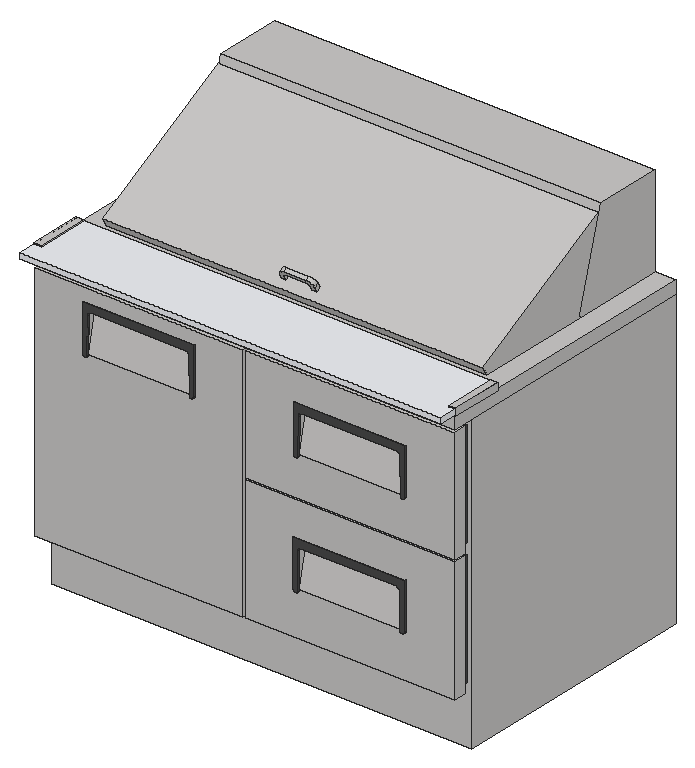
Revit family "QF_TRUE_TFP-48-18M-D-2", category Specialty Equipment, Revit 2012
Parameters
  Weight in Pounds = 0
  Watts = 0 W
  Volts = 115 V
  URL Cutsheet = "www.truemfg.com"
  URL = "www.truemfg.com"
  Type Mark [instance] = ""
  Status [instance] = ""
  Specification by User [instance] = ""
  Specification by Manufacturer = ""
  Show Clearance [instance] = yes
  Serial Number = ""
  Seismic Rating = ""
  SMACNA No = ""
  Revision Code [instance] = ""
  Phase = 1
  Omniclass Number and Title = ""
  Number of Poles [instance] = 1
  NAFEM Spec ID Number = ""
  Model = "TFP-48-18M-D-2"
  Min Ckt Ampacity = 0 A
  Max Overcurrent Protection = 0 A
  Masterspec = ""
  Manufacturer = "TRUE"
  Item Number [instance] = ""
  Installed By [instance] = ""
  Identify Quantity as Lot [instance] = yes
  HP = "1/5"
  Furnished By [instance] = ""
  Foodservice Equipment Identifier [instance] = yes
  FL Amps = 2.9 A
  Electrical Remarks [instance] = ""
  Electric Connection Type [instance] = ""
  Elec Conn RI Height [instance] = 0"
  Elec Conn Connection Height [instance] = 0"
  Description = "FOOD PREP TABLE: DOOR AND DRAWERED FOOD PREP UNIT"
  Cycle = 60 Hz
  Conn Plug = "NEMA 5-15P"
  Conn Conduit = yes
  CSI MasterFormat = ""
  CSI Master Format = ""
  Apparent Power = if(Phase = 3, Volts * FL Amps * 1.73, Volts * FL Amps)  # 333.5 VA
Reference planes (in)
  plane 1 "BACK": y = 0
  plane 2: z = 0
  plane 3 "LEFT": x = 0
  plane 4 "RIGHT": x = 48.125
  plane 5 "FRONT": y = -33.53125
  plane 6 "TOP": z = 46.5
  plane 7 "Center Y": x = 24.0625
  plane 8 "Center X": y = -16.76562
  plane 9 "BASE": z = 0.75
  plane 10: z = 36
  plane 11: y = -31.5
  plane 12: y = -10.6875
  plane 13: y = -7.84375
  plane 14: x = 45.8125
  plane 15: x = 2.3125
  plane 16: z = 27.18596
  plane 17: z = 36.60541
  plane 18: y = -55.875
  plane 19: y = -53.96875
Forms (in)
  Extrusion 1, solid, material "QF_Finishes_Stainless Steel"
    sketch origin (0, 0, 0) x (0, 1, 0) y (0, 0, 1)
      loop
        line (0, 0.75) -> (0, 34.46) -> (-29.085, 34.46) -> (-29.085, 0.75) -> (0, 0.75)
      loop
        line (0, 36) -> (-31.5, 36) -> (-31.5, 34.5) -> (0, 34.5) -> (0, 36)
    from 0 to 48.125
  Extrusion 2, solid, material "QF_Finishes_Stainless Steel"
    sketch origin (0, -29.085, 0.75) x (0, 0, 1) y (-1, 0, 0)
      loop
        line (33.42, -24.1875) -> (20.38651, -24.1875) -> (20.38651, -48.0625) -> (33.42, -48.0625) -> (33.42, -24.1875)
      loop
        line (20.13651, -24.1875) -> (5.9891, -24.1875) -> (5.9891, -48.0625) -> (20.13651, -48.0625) -> (20.13651, -24.1875)
      loop
        line (5.9891, -23.875) -> (33.42, -23.875) -> (33.42, -0.0625) -> (5.9891, -0.0625) -> (5.9891, -23.875)
    from 1 to 2.415
  Extrusion 3, solid, material "QF_Finishes_Black"
    sketch origin (0, -29.085, 0.75) x (0, 0, 1) y (-1, 0, 0)
      loop
        line (32.92, -0.5625) -> (6.4891, -0.5625) -> (6.4891, -23.375) -> (32.92, -23.375) -> (32.92, -0.5625)
      loop
        line (32.92, -24.6875) -> (20.88651, -24.6875) -> (20.88651, -47.5625) -> (32.92, -47.5625) -> (32.92, -24.6875)
      loop
        line (19.63651, -24.6875) -> (6.4891, -24.6875) -> (6.4891, -47.5625) -> (19.63651, -47.5625) -> (19.63651, -24.6875)
    from 0 to 1
  Extrusion 4, solid, material "QF_Finishes_Black"
    sketch origin (0, -31.5, 0.75) x (0, 0, 1) y (-1, 0, 0)
      loop
        line (31.96099, -5.5999) -> (26.62674, -5.5999)
        spline (26.62674, -5.5999) -> (26.60013, -5.6075) -> (26.57461, -5.618) -> (26.55048, -5.63128) -> (26.52803, -5.64717) -> (26.50754, -5.66548) -> (26.48925, -5.68599) -> (26.47338, -5.70846) -> (26.46013, -5.7326) -> (26.44966, -5.75814) -> (26.44208, -5.78475) -> (26.4375, -5.81213) -> (26.43596, -5.83993)
        line (26.43596, -5.83993) -> (26.43596, -6.00526)
        spline (26.43596, -6.00526) -> (26.43673, -6.01688) -> (26.43901, -6.02831) -> (26.44277, -6.03935) -> (26.44795, -6.04982) -> (26.45445, -6.05954) -> (26.46218, -6.06836) -> (26.471, -6.07613) -> (26.48075, -6.0827) -> (26.49129, -6.08799) -> (26.50244, -6.09189) -> (26.514, -6.09433) -> (26.52578, -6.09529)
        line (26.52578, -6.09529) -> (30.75496, -6.16927)
        arc (30.75496, -6.16927) -> (30.99383, -6.27226) -> (31.09222, -6.51306) r 0.34385
        line (31.09222, -6.51306) -> (31.09222, -17.4244)
        arc (31.09222, -17.4244) -> (30.99383, -17.66519) -> (30.75496, -17.76818) r 0.34385
        line (30.75496, -17.76818) -> (26.52578, -17.84216)
        spline (26.52578, -17.84216) -> (26.514, -17.84312) -> (26.50244, -17.84557) -> (26.49129, -17.84947) -> (26.48075, -17.85475) -> (26.471, -17.86133) -> (26.46218, -17.86909) -> (26.45445, -17.87791) -> (26.44795, -17.88763) -> (26.44277, -17.89811) -> (26.43901, -17.90915) -> (26.43673, -17.92057) -> (26.43596, -17.93219)
        line (26.43596, -17.93219) -> (26.43596, -18.09752)
        spline (26.43596, -18.09752) -> (26.4375, -18.12533) -> (26.44208, -18.1527) -> (26.44966, -18.17931) -> (26.46013, -18.20485) -> (26.47338, -18.22899) -> (26.48925, -18.25146) -> (26.50754, -18.27197) -> (26.52803, -18.29028) -> (26.55048, -18.30617) -> (26.57461, -18.31945) -> (26.60013, -18.32995) -> (26.62674, -18.33755)
        line (26.62674, -18.33755) -> (31.96099, -18.33755) -> (31.96099, -5.5999)
      loop
        line (30.13376, -29.75615) -> (24.79951, -29.75615)
        spline (24.79951, -29.75615) -> (24.7729, -29.76375) -> (24.74738, -29.77426) -> (24.72325, -29.78753) -> (24.7008, -29.80342) -> (24.68031, -29.82173) -> (24.66202, -29.84225) -> (24.64615, -29.86471) -> (24.6329, -29.88886) -> (24.62242, -29.91439) -> (24.61485, -29.941) -> (24.61027, -29.96838) -> (24.60873, -29.99618)
        line (24.60873, -29.99618) -> (24.60873, -30.16151)
        spline (24.60873, -30.16151) -> (24.6095, -30.17313) -> (24.61178, -30.18456) -> (24.61554, -30.1956) -> (24.62072, -30.20607) -> (24.62722, -30.2158) -> (24.63495, -30.22462) -> (24.64376, -30.23238) -> (24.65352, -30.23896) -> (24.66406, -30.24424) -> (24.67521, -30.24814) -> (24.68677, -30.25059) -> (24.69855, -30.25155)
        line (24.69855, -30.25155) -> (28.92773, -30.32552)
        arc (28.92773, -30.32552) -> (29.1666, -30.42851) -> (29.26499, -30.66931) r 0.34385
        line (29.26499, -30.66931) -> (29.26499, -41.58065)
        arc (29.26499, -41.58065) -> (29.1666, -41.82144) -> (28.92773, -41.92443) r 0.34385
        line (28.92773, -41.92443) -> (24.69855, -41.99841)
        spline (24.69855, -41.99841) -> (24.68677, -41.99937) -> (24.67521, -42.00182) -> (24.66406, -42.00572) -> (24.65352, -42.011) -> (24.64376, -42.01758) -> (24.63495, -42.02534) -> (24.62722, -42.03416) -> (24.62072, -42.04389) -> (24.61554, -42.05436) -> (24.61178, -42.0654) -> (24.6095, -42.07682) -> (24.60873, -42.08844)
        line (24.60873, -42.08844) -> (24.60873, -42.25378)
        spline (24.60873, -42.25378) -> (24.61027, -42.28158) -> (24.61485, -42.30895) -> (24.62242, -42.33557) -> (24.6329, -42.3611) -> (24.64615, -42.38524) -> (24.66202, -42.40771) -> (24.68031, -42.42822) -> (24.7008, -42.44653) -> (24.72325, -42.46242) -> (24.74738, -42.4757) -> (24.7729, -42.4862) -> (24.79951, -42.49381)
        line (24.79951, -42.49381) -> (30.13376, -42.49381) -> (30.13376, -29.75615)
      loop
        line (16.29154, -29.70927) -> (10.95729, -29.70927)
        spline (10.95729, -29.70927) -> (10.93068, -29.71688) -> (10.90516, -29.72738) -> (10.88103, -29.74066) -> (10.85858, -29.75655) -> (10.83809, -29.77486) -> (10.8198, -29.79537) -> (10.80393, -29.81783) -> (10.79068, -29.84198) -> (10.78021, -29.86751) -> (10.77263, -29.89413) -> (10.76805, -29.9215) -> (10.76651, -29.9493)
        line (10.76651, -29.9493) -> (10.76651, -30.11463)
        spline (10.76651, -30.11463) -> (10.76728, -30.12625) -> (10.76956, -30.13768) -> (10.77332, -30.14872) -> (10.7785, -30.15919) -> (10.785, -30.16892) -> (10.79273, -30.17774) -> (10.80155, -30.1855) -> (10.81131, -30.19208) -> (10.82184, -30.19736) -> (10.83299, -30.20126) -> (10.84455, -30.20371) -> (10.85633, -30.20467)
        line (10.85633, -30.20467) -> (15.08551, -30.27865)
        arc (15.08551, -30.27865) -> (15.32438, -30.38164) -> (15.42277, -30.62243) r 0.34385
        line (15.42277, -30.62243) -> (15.42277, -41.53377)
        arc (15.42277, -41.53377) -> (15.32438, -41.77457) -> (15.08551, -41.87756) r 0.34385
        line (15.08551, -41.87756) -> (10.85633, -41.95153)
        spline (10.85633, -41.95153) -> (10.84455, -41.95249) -> (10.83299, -41.95494) -> (10.82184, -41.95884) -> (10.81131, -41.96412) -> (10.80155, -41.9707) -> (10.79273, -41.97846) -> (10.785, -41.98728) -> (10.7785, -41.99701) -> (10.77332, -42.00748) -> (10.76956, -42.01852) -> (10.76728, -42.02995) -> (10.76651, -42.04157)
        line (10.76651, -42.04157) -> (10.76651, -42.2069)
        spline (10.76651, -42.2069) -> (10.76805, -42.2347) -> (10.77263, -42.26208) -> (10.78021, -42.28869) -> (10.79068, -42.31422) -> (10.80393, -42.33837) -> (10.8198, -42.36083) -> (10.83809, -42.38134) -> (10.85858, -42.39966) -> (10.88103, -42.41555) -> (10.90516, -42.42882) -> (10.93068, -42.43933) -> (10.95729, -42.44693)
        line (10.95729, -42.44693) -> (16.29154, -42.44693) -> (16.29154, -29.70927)
    from 0 to 0.125
  Extrusion 5, void
    sketch origin (0, 0, 0) x (0, 1, 0) y (0, 0, 1)
      loop
        line (-31.5, 31.84222) -> (-31.5, 27.37674) -> (-30.5, 31.84222) -> (-31.5, 31.84222)
    from 6.07322 to 17.82391
  Extrusion 6, void
    sketch origin (0, 0, -15.66945) x (0, 1, 0) y (0, 0, 1)
      loop
        line (-31.5, 31.84222) -> (-31.5, 27.37674) -> (-30.5, 31.84222) -> (-31.5, 31.84222)
      loop
        line (-31.5, 45.68444) -> (-31.5, 41.21896) -> (-30.5, 45.68444) -> (-31.5, 45.68444)
    from 30.19318 to 42.12117
  Extrusion 7, solid, material "QF_Finishes_Stainless Steel"
    sketch origin (2.3125, 7.41441, 48) x (0, 1, 0) y (0, 0, -1)
      loop
        line (-15.20428, 1.5) -> (-7.41441, 1.5) -> (-7.41441, 12) -> (-17.88334, 12)
        arc (-17.88334, 12) -> (-18.083, 11.90045) -> (-18.12366, 11.68109) r 0.25
        line (-18.12366, 11.68109) -> (-15.20428, 1.5)
    from 0 to -43.5
  Extrusion 8, solid, material "QF_Finishes_Stainless Steel"
    sketch origin (2.3125, 7.41441, 48) x (0, 1, 0) y (0, 0, -1)
      loop
        line (-32.04884, 10.98019) -> (-15.44857, 2.35196) -> (-18.12366, 11.68109)
        arc (-18.12366, 11.68109) -> (-18.083, 11.90045) -> (-17.88334, 12) r 0.25
        line (-17.88334, 12) -> (-31.51878, 12) -> (-32.04884, 10.98019)
    from -43.5 to 0
  Extrusion 9, solid, material "QF_Finishes_Stainless Steel"
    sketch origin (-4.00862, -31.5, 48) x (-1, 0, 0) y (0, 0, 1)
      loop
        line (-51.43327, -11.39459) -> (-51.43327, -11.30096) -> (-52.19562, -11.30096) -> (-52.19562, -12.13881) -> (-52.13362, -12.13881) -> (-52.13362, -11.39459) -> (-51.43327, -11.39459)
      loop
        line (-4.80067, -11.39459) -> (-4.00862, -11.39459) -> (-4.00862, -12.13881) -> (-3.94662, -12.13881) -> (-3.94662, -11.30096) -> (-4.80067, -11.30096) -> (-4.80067, -11.39459)
    from 0 to 6
  Extrusion 10, solid, material "QF_Finishes_White"
    sketch origin (0, 0, 0) x (0, 1, 0) y (0, 0, 1)
      loop
        line (-33.53125, 36) -> (-25.5, 36) -> (-25.5, 36.60541) -> (-33.53125, 36.60541) -> (-33.53125, 36)
    from 0 to 48.125
  Extrusion 11, solid, material "QF_Finishes_Black"
    sketch origin (0, 0, 0) x (0, 1, 0) y (0, 0, 1)
      loop
        arc (-25.55411, 0.75) -> (-24.36826, 0) -> (-23.1824, 0.75) r 1.3125
        line (-23.1824, 0.75) -> (-25.55411, 0.75)
      loop
        line (-1.30815, 0.75) -> (-3.67985, 0.75)
        arc (-3.67985, 0.75) -> (-2.494, 0) -> (-1.30815, 0.75) r 1.3125
    from 3.15902 to 4.88302
  Extrusion 12, solid, material "QF_Finishes_Black"
    sketch origin (48.125, 0, 0) x (0, 1, 0) y (0, 0, -1)
      loop
        line (-25.55411, -0.75) -> (-23.1824, -0.75)
        arc (-23.1824, -0.75) -> (-24.36826, 0) -> (-25.55411, -0.75) r 1.3125
      loop
        arc (-1.30815, -0.75) -> (-2.494, 0) -> (-3.67985, -0.75) r 1.3125
        line (-3.67985, -0.75) -> (-1.30815, -0.75)
    from 3.15902 to 4.88302
  Extrusion 13, solid, material "QF_Door-Drawer Clearances", visible <- "Show Clearance", detail levels coarse
    sketch origin (0, -31.5, 0.75) x (0, 0, 1) y (-1, 0, 0)
      loop
        line (33.42, -24.1875) -> (5.9891, -24.1875) -> (5.9891, -48.0625) -> (33.42, -48.0625) -> (33.42, -24.1875)
    from 0 to 24.375
  Extrusion 14, solid, material "QF_Door-Drawer Clearances", visible <- "Show Clearance", detail levels coarse
    sketch origin (23.875, -29.085, 6.7391) x (0, 1, 0) y (1, 0, 0)
      loop
        line (-2.415, -23.8125) -> (-2.415, 0)
        arc (-2.415, 0) -> (-18.56566, -7.26739) -> (-24.88375, -23.8125) r 23.20183
        line (-24.88375, -23.8125) -> (-2.415, -23.8125)
    from -27.4309 to 0
  Extrusion 15, solid, material "QF_Finishes_Stainless Steel"
    sketch origin (0, -2.20491, -2.8829) x (0, -0.461189, 0.887302) y (-1, 0, 0)
      loop
        line (47, -25.3125) -> (47, -22.8125)
        arc (47, -22.8125) -> (46.78033, -22.28217) -> (46.25, -22.0625) r 0.75
        line (46.25, -22.0625) -> (45.75, -22.0625) -> (45.75, -22.5625) -> (46.25, -22.5625)
        arc (46.25, -22.5625) -> (46.42678, -22.63572) -> (46.5, -22.8125) r 0.25
        line (46.5, -22.8125) -> (46.5, -25.3125)
        arc (46.5, -25.3125) -> (46.42678, -25.48928) -> (46.25, -25.5625) r 0.25
        line (46.25, -25.5625) -> (45.75, -25.5625) -> (45.75, -26.0625) -> (46.25, -26.0625)
        arc (46.25, -26.0625) -> (46.78033, -25.84283) -> (47, -25.3125) r 0.75
    from 0 to 0.5
  Extrusion 16, solid, material "QF_Finishes_Stainless Steel"
    sketch origin (0, 0, 1) x (0, 0, -1) y (-1, 0, 0)
      loop
        circle (-3.28427, -44.27646) r 0.5
    from 0 to 0.25
Cuts and joins
  Extrusion 5, Extrusion 6 cuts Extrusion 2
  Extrusion 6 cuts Extrusion 4
Lines and regions (in)
  Split face 1
    outline origin (0, -29.085, 0.75) x (0, 0, 1) y (-1, 0, 0)
      loop
        line (5.72413, -1.9375) -> (1.47413, -1.9375) -> (1.47413, -3.1875) -> (5.72413, -3.1875) -> (5.72413, -1.9375)
  Split face 2
    outline origin (1.5, -29.085, 0.75) x (0, 0, 1) y (-1, 0, 0)
      loop
        line (5.72413, -1.9375) -> (1.47413, -1.9375) -> (1.47413, -3.1875) -> (5.72413, -3.1875) -> (5.72413, -1.9375)
  Split face 3
    outline origin (3, -29.085, 0.75) x (0, 0, 1) y (-1, 0, 0)
      loop
        line (5.72413, -1.9375) -> (1.47413, -1.9375) -> (1.47413, -3.1875) -> (5.72413, -3.1875) -> (5.72413, -1.9375)
  Split face 4
    outline origin (4.5, -29.085, 0.75) x (0, 0, 1) y (-1, 0, 0)
      loop
        line (5.72413, -1.9375) -> (1.47413, -1.9375) -> (1.47413, -3.1875) -> (5.72413, -3.1875) -> (5.72413, -1.9375)
  Split face 5
    outline origin (6, -29.085, 0.75) x (0, 0, 1) y (-1, 0, 0)
      loop
        line (5.72413, -1.9375) -> (1.47413, -1.9375) -> (1.47413, -3.1875) -> (5.72413, -3.1875) -> (5.72413, -1.9375)
  Split face 6
    outline origin (7.5, -29.085, 0.75) x (0, 0, 1) y (-1, 0, 0)
      loop
        line (5.72413, -1.9375) -> (1.47413, -1.9375) -> (1.47413, -3.1875) -> (5.72413, -3.1875) -> (5.72413, -1.9375)
  Split face 7
    outline origin (9, -29.085, 0.75) x (0, 0, 1) y (-1, 0, 0)
      loop
        line (5.72413, -1.9375) -> (1.47413, -1.9375) -> (1.47413, -3.1875) -> (5.72413, -3.1875) -> (5.72413, -1.9375)
  Split face 8
    outline origin (10.5, -29.085, 0.75) x (0, 0, 1) y (-1, 0, 0)
      loop
        line (5.72413, -1.9375) -> (1.47413, -1.9375) -> (1.47413, -3.1875) -> (5.72413, -3.1875) -> (5.72413, -1.9375)
  Split face 9
    outline origin (12, -29.085, 0.75) x (0, 0, 1) y (-1, 0, 0)
      loop
        line (5.72413, -1.9375) -> (1.47413, -1.9375) -> (1.47413, -3.1875) -> (5.72413, -3.1875) -> (5.72413, -1.9375)
  Split face 10
    outline origin (13.5, -29.085, 0.75) x (0, 0, 1) y (-1, 0, 0)
      loop
        line (5.72413, -1.9375) -> (1.47413, -1.9375) -> (1.47413, -3.1875) -> (5.72413, -3.1875) -> (5.72413, -1.9375)
  Split face 11
    outline origin (15, -29.085, 0.75) x (0, 0, 1) y (-1, 0, 0)
      loop
        line (5.72413, -1.9375) -> (1.47413, -1.9375) -> (1.47413, -3.1875) -> (5.72413, -3.1875) -> (5.72413, -1.9375)
  Split face 12
    outline origin (16.5, -29.085, 0.75) x (0, 0, 1) y (-1, 0, 0)
      loop
        line (5.72413, -1.9375) -> (1.47413, -1.9375) -> (1.47413, -3.1875) -> (5.72413, -3.1875) -> (5.72413, -1.9375)
  Split face 13
    outline origin (18, -29.085, 0.75) x (0, 0, 1) y (-1, 0, 0)
      loop
        line (5.72413, -1.9375) -> (1.47413, -1.9375) -> (1.47413, -3.1875) -> (5.72413, -3.1875) -> (5.72413, -1.9375)
  Split face 14
    outline origin (19.5, -29.085, 0.75) x (0, 0, 1) y (-1, 0, 0)
      loop
        line (5.72413, -1.9375) -> (1.47413, -1.9375) -> (1.47413, -3.1875) -> (5.72413, -3.1875) -> (5.72413, -1.9375)
  Split face 15
    outline origin (48.125, -29.085, 0.75) x (0, 0, 1) y (-1, 0, 0)
      loop
        line (5.72413, 1.9375) -> (5.72413, 3.1875) -> (1.47413, 3.1875) -> (1.47413, 1.9375) -> (5.72413, 1.9375)
  Split face 16
    outline origin (49.625, -29.085, 0.75) x (0, 0, 1) y (-1, 0, 0)
      loop
        line (5.72413, 4.9375) -> (5.72413, 6.1875) -> (1.47413, 6.1875) -> (1.47413, 4.9375) -> (5.72413, 4.9375)
  Split face 17
    outline origin (51.125, -29.085, 0.75) x (0, 0, 1) y (-1, 0, 0)
      loop
        line (5.72413, 7.9375) -> (5.72413, 9.1875) -> (1.47413, 9.1875) -> (1.47413, 7.9375) -> (5.72413, 7.9375)
  Split face 18
    outline origin (52.625, -29.085, 0.75) x (0, 0, 1) y (-1, 0, 0)
      loop
        line (5.72413, 10.9375) -> (5.72413, 12.1875) -> (1.47413, 12.1875) -> (1.47413, 10.9375) -> (5.72413, 10.9375)
  Split face 19
    outline origin (54.125, -29.085, 0.75) x (0, 0, 1) y (-1, 0, 0)
      loop
        line (5.72413, 13.9375) -> (5.72413, 15.1875) -> (1.47413, 15.1875) -> (1.47413, 13.9375) -> (5.72413, 13.9375)
  Split face 20
    outline origin (55.625, -29.085, 0.75) x (0, 0, 1) y (-1, 0, 0)
      loop
        line (5.72413, 16.9375) -> (5.72413, 18.1875) -> (1.47413, 18.1875) -> (1.47413, 16.9375) -> (5.72413, 16.9375)
  Split face 21
    outline origin (57.125, -29.085, 0.75) x (0, 0, 1) y (-1, 0, 0)
      loop
        line (5.72413, 19.9375) -> (5.72413, 21.1875) -> (1.47413, 21.1875) -> (1.47413, 19.9375) -> (5.72413, 19.9375)
  Split face 22
    outline origin (58.625, -29.085, 0.75) x (0, 0, 1) y (-1, 0, 0)
      loop
        line (5.72413, 22.9375) -> (5.72413, 24.1875) -> (1.47413, 24.1875) -> (1.47413, 22.9375) -> (5.72413, 22.9375)
  Split face 23
    outline origin (60.125, -29.085, 0.75) x (0, 0, 1) y (-1, 0, 0)
      loop
        line (5.72413, 25.9375) -> (5.72413, 27.1875) -> (1.47413, 27.1875) -> (1.47413, 25.9375) -> (5.72413, 25.9375)
  Split face 24
    outline origin (61.625, -29.085, 0.75) x (0, 0, 1) y (-1, 0, 0)
      loop
        line (5.72413, 28.9375) -> (5.72413, 30.1875) -> (1.47413, 30.1875) -> (1.47413, 28.9375) -> (5.72413, 28.9375)
  Split face 25
    outline origin (63.125, -29.085, 0.75) x (0, 0, 1) y (-1, 0, 0)
      loop
        line (5.72413, 31.9375) -> (5.72413, 33.1875) -> (1.47413, 33.1875) -> (1.47413, 31.9375) -> (5.72413, 31.9375)
  Split face 26
    outline origin (64.625, -29.085, 0.75) x (0, 0, 1) y (-1, 0, 0)
      loop
        line (5.72413, 34.9375) -> (5.72413, 36.1875) -> (1.47413, 36.1875) -> (1.47413, 34.9375) -> (5.72413, 34.9375)
  Split face 27
    outline origin (66.125, -29.085, 0.75) x (0, 0, 1) y (-1, 0, 0)
      loop
        line (5.72413, 37.9375) -> (5.72413, 39.18751) -> (1.47413, 39.18751) -> (1.47413, 37.9375) -> (5.72413, 37.9375)
  Split face 28
    outline origin (67.625, -29.085, 0.75) x (0, 0, 1) y (-1, 0, 0)
      loop
        line (5.72413, 40.9375) -> (5.72413, 42.18751) -> (1.47413, 42.18751) -> (1.47413, 40.9375) -> (5.72413, 40.9375)
  symbolic lines, style "SpecialityEquipmentHiddenLines"
    curve 1: line (3.40924, -0.90403, 0) -> (4.84275, -1.90779, 0)
    curve 2: line (1.9753, -2.95191, 0) -> (3.40924, -0.90403, 0)
    curve 3: line (3.40881, -3.95567, 0) -> (1.9753, -2.95191, 0)
    curve 4: line (4.84275, -1.90779, 0) -> (3.40881, -3.95567, 0)
    curve 5: line (44.74219, -0.90403, 0) -> (46.17571, -1.90779, 0)
    curve 6: line (43.30825, -2.95191, 0) -> (44.74219, -0.90403, 0)
    curve 7: line (44.74176, -3.95567, 0) -> (43.30825, -2.95191, 0)
    curve 8: line (46.17571, -1.90779, 0) -> (44.74176, -3.95567, 0)
    curve 9: line (44.74219, -22.77829, 0) -> (46.17571, -23.78205, 0)
    curve 10: line (43.30825, -24.82617, 0) -> (44.74219, -22.77829, 0)
    curve 11: line (44.74176, -25.82993, 0) -> (43.30825, -24.82617, 0)
    curve 12: line (46.17571, -23.78205, 0) -> (44.74176, -25.82993, 0)
    curve 13: line (3.40924, -22.77829, 0) -> (4.84275, -23.78205, 0)
    curve 14: line (1.9753, -24.82617, 0) -> (3.40924, -22.77829, 0)
    curve 15: line (3.40881, -25.82993, 0) -> (1.9753, -24.82617, 0)
    curve 16: line (4.84275, -23.78205, 0) -> (3.40881, -25.82993, 0)
  symbolic lines, style "QF_Door-Drawer Clearances"
    curve 17: line (24.1875, -55.875, 0) -> (48.0625, -55.875, 0)
    curve 18: line (24.1875, -55.875, 0) -> (24.1875, -33.53125, 0)
    curve 19: line (48.0625, -55.875, 0) -> (48.0625, -33.53125, 0)
    curve 20: arc (23.72206, -33.53125, 0) -> (15.85148, -48.33338, 0) -> (0.0625, -53.96875, 0) r 23.20183
    curve 21: line (0.0625, -33.53125, 0) -> (0.0625, -53.96875, 0)
  symbolic lines
    curve 22: line (0, 0, 0) -> (48.125, 0, 0)
    curve 23: line (0, -25.5, 0) -> (0, 0, 0)
    curve 24: line (48.125, -25.5, 0) -> (0, -25.5, 0)
    curve 25: line (48.125, 0, 0) -> (48.125, -25.5, 0)
    curve 26: line (47.42465, -31.5, 0) -> (48.187, -31.5, 0)
    curve 27: line (47.42465, -25.5, 0) -> (47.42465, -31.5, 0)
    curve 28: line (48.187, -25.5, 0) -> (47.42465, -25.5, 0)
    curve 29: line (48.187, -31.5, 0) -> (48.187, -25.5, 0)
    curve 30: line (-0.062, -31.5, 0) -> (0.79205, -31.5, 0)
    curve 31: line (-0.062, -25.5, 0) -> (-0.062, -31.5, 0)
    curve 32: line (0.79205, -25.5, 0) -> (-0.062, -25.5, 0)
    curve 33: line (0.79205, -31.5, 0) -> (0.79205, -25.5, 0)
    curve 34: line (0, -31.5, 0) -> (0, -33.53125, 0)
    curve 35: line (0, -33.53125, 0) -> (48.0625, -33.53125, 0)
    curve 36: line (48.125, -33.53125, 0) -> (48.125, -31.5, 0)
    curve 37: line (2.3125, -8.03416, 0) -> (2.3125, -24.63443, 0)
    curve 38: line (2.3125, -24.63443, 0) -> (45.8125, -24.63443, 0)
    curve 39: line (45.8125, -24.63443, 0) -> (45.8125, -8.03416, 0)
    curve 40: line (45.8125, -10.71894, 0) -> (45.8125, 0, 0)
    curve 41: line (2.3125, 0, 0) -> (2.3125, -10.71894, 0)
    curve 42: line (45.8125, -8.03416, 0) -> (2.3125, -8.03416, 0)
    curve 43: line (2.3125, -7.78987, 0) -> (45.8125, -7.78987, 0)
    curve 44: spline (25.3125, -23.88077, 0) -> (25.41039, -23.87781, 0) -> (25.50661, -23.86898, 0) -> (25.59951, -23.85444, 0) -> (25.6875, -23.83443, 0) -> (25.76907, -23.80929, 0) -> (25.84283, -23.77946, 0) -> (25.90752, -23.74544, 0) -> (25.96202, -23.70782, 0) -> (26.00541, -23.66725, 0) -> (26.03694, -23.6244, 0) -> (26.05608, -23.58003, 0) -> (26.0625, -23.53488, 0)
    curve 45: line (22.8125, -23.88077, 0) -> (25.3125, -23.88077, 0)
    curve 46: spline (22.0625, -23.53488, 0) -> (22.06892, -23.58003, 0) -> (22.08806, -23.6244, 0) -> (22.11959, -23.66725, 0) -> (22.16298, -23.70782, 0) -> (22.21748, -23.74544, 0) -> (22.28217, -23.77946, 0) -> (22.35593, -23.80929, 0) -> (22.4375, -23.83443, 0) -> (22.52549, -23.85444, 0) -> (22.61839, -23.86898, 0) -> (22.71461, -23.87781, 0) -> (22.8125, -23.88077, 0)
    curve 47: line (22.5625, -23.30428, 0) -> (22.0625, -23.30428, 0)
    curve 48: line (26.0625, -23.30428, 0) -> (25.5625, -23.30428, 0)
    curve 49: line (25.3125, -23.65018, 0) -> (22.8125, -23.65018, 0)
    curve 50: spline (25.5625, -23.53488, 0) -> (25.56036, -23.54993, 0) -> (25.55398, -23.56472, 0) -> (25.54347, -23.579, 0) -> (25.52901, -23.59253, 0) -> (25.51084, -23.60507, 0) -> (25.48928, -23.61641, 0) -> (25.46469, -23.62635, 0) -> (25.4375, -23.63473, 0) -> (25.40817, -23.6414, 0) -> (25.3772, -23.64625, 0) -> (25.34513, -23.64919, 0) -> (25.3125, -23.65018, 0)
    curve 51: spline (22.8125, -23.65018, 0) -> (22.77987, -23.64919, 0) -> (22.7478, -23.64625, 0) -> (22.71683, -23.6414, 0) -> (22.6875, -23.63473, 0) -> (22.66031, -23.62635, 0) -> (22.63572, -23.61641, 0) -> (22.61416, -23.60507, 0) -> (22.59599, -23.59253, 0) -> (22.58153, -23.579, 0) -> (22.57102, -23.56472, 0) -> (22.56464, -23.54993, 0) -> (22.5625, -23.53488, 0)
    curve 52: line (22.5625, -23.53488, 0) -> (22.5625, -23.30428, 0)
    curve 53: line (25.5625, -23.30428, 0) -> (25.5625, -23.53488, 0)
    curve 54: line (26.0625, -23.97853, 0) -> (26.0625, -23.30428, 0)
    curve 55: line (25.3125, -24.32442, 0) -> (22.8125, -24.32442, 0)
    curve 56: spline (26.0625, -23.97853, 0) -> (26.05608, -24.02368, 0) -> (26.03694, -24.06805, 0) -> (26.00541, -24.1109, 0) -> (25.96202, -24.15148, 0) -> (25.90752, -24.18909, 0) -> (25.84283, -24.22311, 0) -> (25.76907, -24.25294, 0) -> (25.6875, -24.27808, 0) -> (25.59951, -24.29809, 0) -> (25.50661, -24.31263, 0) -> (25.41039, -24.32146, 0) -> (25.3125, -24.32442, 0)
    curve 57: spline (22.8125, -24.32442, 0) -> (22.71461, -24.32146, 0) -> (22.61839, -24.31263, 0) -> (22.52549, -24.29809, 0) -> (22.4375, -24.27808, 0) -> (22.35593, -24.25294, 0) -> (22.28217, -24.22311, 0) -> (22.21748, -24.18909, 0) -> (22.16298, -24.15148, 0) -> (22.11959, -24.1109, 0) -> (22.08806, -24.06805, 0) -> (22.06892, -24.02368, 0) -> (22.0625, -23.97853, 0)
    curve 58: line (22.0625, -23.30428, 0) -> (22.0625, -23.97853, 0)
Dimensions and locks (in)
  equal spacing: plane 3 "LEFT", plane 7 "Center Y", plane 4 "RIGHT"
  plane 3 "LEFT" to plane 4 "RIGHT" = 48 1/8"
  equal spacing: plane 5 "FRONT", plane 8 "Center X", plane 1 "BACK"
  plane 5 "FRONT" to plane 1 "BACK" = 33 17/32"  (x2)
  plane 6 "TOP" to level = 46 1/2"
  plane 9 "BASE" to level = 3/4"
  plane 10 to plane 9 "BASE" = 35 1/4"
  plane 6 "TOP" to plane 10 = 10 1/2"
  plane 11 to plane 1 "BACK" = 31 1/2"
  plane 12 to plane 1 "BACK" = 10 11/16"
  plane 13 to plane 1 "BACK" = 7 27/32"
  plane 6 "TOP" to plane 10 to plane 9 "BASE" to level = 10 1/2", 35 1/4", 3/4"
  plane 15 to plane 14 = 43 1/2"  (x2)
  plane 18 to plane 5 "FRONT" = 22 11/32"
  plane 19 to plane 5 "FRONT" = 20 7/16"
  plane 15 to plane 3 "LEFT" = 2 5/16"
  plane 4 "RIGHT" to plane 14 = 2 5/16"
  plane 3 "LEFT" to plane 15 = 2 5/16"
  plane 14 to plane 4 "RIGHT" = 2 5/16"
  aligned and locked: level to plane 2
  aligned and locked: Extrusion 1 to plane 4 "RIGHT"
  aligned and locked: plane 14 to Extrusion 7
Automatic sketch dimensions
  Extrusion 1 sketch curve to plane 11 = 0"
  Extrusion 1 sketch curve to plane 9 "BASE" = 0"
  Extrusion 1 sketch curve to plane 1 "BACK" = 0"  (x2)
  Extrusion 1 sketch curve to plane 10 = 0"
  plane 11 to Extrusion 1 sketch curve = 2.415"
  Extrusion 1 sketch curve to plane 10 = 1.54"
  Extrusion 1 sketch curve to plane 10 = 1 1/2"
  Extrusion 5 sketch curve to plane 11 = 0"
  plane 11 to Extrusion 5 sketch curve = 1"
  Extrusion 5 sketch curve to plane 16 = 0.19077"
  Extrusion 5 sketch curve to plane 10 = 4.15778"
  Extrusion 6 sketch curve to plane 11 = 0"  (x2)
  plane 11 to Extrusion 6 sketch curve = 1"  (x2)
  plane 9 "BASE" to Extrusion 6 sketch curve = 10.95729"
  Extrusion 6 sketch curve to Extrusion 6 sketch curve = 4.46549"
  plane 16 to Extrusion 6 sketch curve = 1.63646"
  Extrusion 6 sketch curve to plane 16 = 2.82903"
  Extrusion 7 sketch curve to plane 10 = 0"
  Extrusion 7 sketch curve to plane 6 "TOP" = 0"
  Extrusion 7 sketch curve to plane 1 "BACK" = 0"
  Extrusion 7 sketch curve to plane 13 = 0.05388"
  Extrusion 7 sketch curve to plane 12 = 0.21856"
  plane 12 to Extrusion 7 sketch curve = 0.02175"
  Extrusion 7 sketch curve to Extrusion 7 sketch curve = 1/4"
  Extrusion 8 sketch curve to plane 10 = 0"  (x2)
  plane 17 to Extrusion 8 sketch curve = 0.41439"
  Extrusion 8 sketch curve to plane 11 = 6.86557"
  Extrusion 8 sketch curve to Extrusion 8 sketch curve = 0.53006"
  plane 12 to Extrusion 8 sketch curve = 0.02175"
  Extrusion 8 sketch curve to plane 12 = 0.21856"
  Extrusion 8 sketch curve to Extrusion 8 sketch curve = 0"
  plane 13 to Extrusion 8 sketch curve = 0.19041"
  Extrusion 8 sketch curve to Extrusion 8 sketch curve = 1/4"
  plane 6 "TOP" to Extrusion 8 sketch curve = 0.85196"
  Extrusion 10 sketch curve to plane 5 "FRONT" = 0"
  plane 17 to Extrusion 10 sketch curve = 0"
  Extrusion 10 sketch curve to plane 10 = 0"
  plane 11 to Extrusion 10 sketch curve = 6"
  Extrusion 11 sketch curve to plane 9 "BASE" = 0"  (x2)
  plane 11 to Extrusion 11 sketch curve = 5.94589"
  plane 9 "BASE" to Extrusion 11 sketch curve = 9/16"  (x2)
  Extrusion 11 sketch curve to Extrusion 11 sketch curve = 1.18585"  (x2)
  plane 1 "BACK" to Extrusion 11 sketch curve = 3.67985"
  Extrusion 12 sketch curve to plane 9 "BASE" = 0"  (x2)
  plane 11 to Extrusion 12 sketch curve = 5.94589"
  plane 9 "BASE" to Extrusion 12 sketch curve = 9/16"  (x2)
  Extrusion 12 sketch curve to Extrusion 12 sketch curve = 1.18585"  (x2)
  plane 1 "BACK" to Extrusion 12 sketch curve = 3.67985"
  Extrusion 1 to Extrusion 2 sketch curve = 1/16"  (x3)
  Extrusion 1 to Extrusion 2 sketch curve = 5.9891"
  Extrusion 2 sketch curve to Extrusion 2 sketch curve = 0"  (x2)
  Extrusion 1 to Extrusion 2 sketch curve = 13.57348"
  Extrusion 2 sketch curve to Extrusion 2 sketch curve = 1/4"
  Extrusion 1 to Extrusion 2 sketch curve = 0.29"  (x2)
  Extrusion 2 sketch curve to Extrusion 2 sketch curve = 23 7/8"
  Extrusion 2 sketch curve to Extrusion 2 sketch curve = 5/16"
  Extrusion 1 to Extrusion 3 sketch curve = 6.4891"
  Extrusion 3 sketch curve to Extrusion 3 sketch curve = 0"  (x2)
  Extrusion 3 sketch curve to Extrusion 3 sketch curve = 13.14742"
  Extrusion 3 sketch curve to Extrusion 3 sketch curve = 1 1/4"
  Extrusion 1 to Extrusion 3 sketch curve = 0.79"  (x2)
  Extrusion 1 to Extrusion 3 sketch curve = 9/16"  (x3)
  Extrusion 3 sketch curve to Extrusion 3 sketch curve = 22 7/8"
  Extrusion 3 sketch curve to Extrusion 3 sketch curve = 1 5/16"
  Extrusion 4 sketch curve to Extrusion 2 = 4.77742"  (x2)
  Extrusion 4 sketch curve to Extrusion 4 sketch curve = 0.08982"  (x6)
  Extrusion 4 sketch curve to Extrusion 4 sketch curve = 0"  (x12)
  Extrusion 4 sketch curve to Extrusion 4 sketch curve = 0.00157"  (x6)
  Extrusion 4 sketch curve to Extrusion 4 sketch curve = 0.19077"  (x6)
  Extrusion 4 sketch curve to Extrusion 4 sketch curve = 0.07109"  (x6)
  Extrusion 4 sketch curve to Extrusion 4 sketch curve = 0.25328"  (x6)
  Extrusion 4 sketch curve to Extrusion 4 sketch curve = 3.87636"  (x4)
  Extrusion 4 sketch curve to Extrusion 4 sketch curve = 0.00659"  (x6)
  Extrusion 4 sketch curve to Extrusion 4 sketch curve = 0.34385"  (x3)
  Extrusion 4 sketch curve to Extrusion 4 sketch curve = 0.86877"  (x3)
  Extrusion 4 sketch curve to Extrusion 2 = 4.22222"  (x2)
  Extrusion 4 sketch curve to Extrusion 2 = 6.04945"  (x2)
  Extrusion 4 sketch curve to Extrusion 2 = 2.67162"  (x2)
  Extrusion 4 sketch curve to Extrusion 2 = 5.5687"
  Extrusion 4 sketch curve to Extrusion 2 = 5.61557"
  Extrusion 4 sketch curve to Extrusion 4 sketch curve = 0.00765"  (x3)
  Extrusion 4 sketch curve to Extrusion 4 sketch curve = 0.16533"  (x6)
  Extrusion 4 sketch curve to Extrusion 4 sketch curve = 0.00005"  (x6)
  Extrusion 4 sketch curve to Extrusion 4 sketch curve = 0.56937"  (x3)
  Extrusion 4 sketch curve to Extrusion 2 = 6.48181"
  Extrusion 4 sketch curve to Extrusion 2 = 6.43493"
  Extrusion 4 sketch curve to Extrusion 4 sketch curve = 0.07398"  (x3)
  Extrusion 4 sketch curve to Extrusion 4 sketch curve = 0.02287"  (x3)
  Extrusion 4 sketch curve to Extrusion 2 = 5.53745"
  Extrusion 4 sketch curve to Extrusion 2 = 6.45056"
  plane 4 "RIGHT" to Extrusion 9 sketch curve = 0"
  Extrusion 9 sketch curve to plane 17 = 0"  (x2)
  Extrusion 9 sketch curve to plane 3 "LEFT" = 0"
  Extrusion 9 sketch curve to Extrusion 9 sketch curve = 0.062"
  Extrusion 9 sketch curve to plane 17 = 0.09363"  (x2)
  plane 4 "RIGHT" to Extrusion 9 sketch curve = 0.70035"
  plane 3 "LEFT" to Extrusion 9 sketch curve = 0.79205"
  Extrusion 9 sketch curve to plane 3 "LEFT" = 0.062"
  Extrusion 9 sketch curve to plane 10 = 0.13881"  (x2)
  Split face 1 sketch curve to Extrusion 1 = 1.47413"
  Split face 1 sketch curve to Extrusion 1 = 1 15/16"
  Split face 1 sketch curve to Split face 1 sketch curve = 4 1/4"
  Split face 1 sketch curve to Split face 1 sketch curve = 1 1/4"
  Split face 2 sketch curve to Extrusion 1 = 1.47413"
  Split face 2 sketch curve to Split face 2 sketch curve = 4 1/4"
  Split face 2 sketch curve to Extrusion 1 = 4 11/16"
  Split face 2 sketch curve to Split face 2 sketch curve = 1 1/4"
  Split face 3 sketch curve to Extrusion 1 = 1.47413"
  Split face 3 sketch curve to Split face 3 sketch curve = 4 1/4"
  Split face 3 sketch curve to Extrusion 1 = 6 3/16"
  Split face 3 sketch curve to Split face 3 sketch curve = 1 1/4"
  Split face 4 sketch curve to Extrusion 1 = 1.47413"
  Split face 4 sketch curve to Split face 4 sketch curve = 4 1/4"
  Split face 4 sketch curve to Extrusion 1 = 7 11/16"
  Split face 4 sketch curve to Split face 4 sketch curve = 1 1/4"
  Split face 5 sketch curve to Extrusion 1 = 1.47413"
  Split face 5 sketch curve to Split face 5 sketch curve = 4 1/4"
  Split face 5 sketch curve to Extrusion 1 = 9 3/16"
  Split face 5 sketch curve to Split face 5 sketch curve = 1 1/4"
  Split face 6 sketch curve to Extrusion 1 = 1.47413"
  Split face 6 sketch curve to Split face 6 sketch curve = 4 1/4"
  Split face 6 sketch curve to Extrusion 1 = 10 11/16"
  Split face 6 sketch curve to Split face 6 sketch curve = 1 1/4"
  Split face 7 sketch curve to Extrusion 1 = 1.47413"
  Split face 7 sketch curve to Split face 7 sketch curve = 4 1/4"
  Split face 7 sketch curve to Extrusion 1 = 12 3/16"
  Split face 7 sketch curve to Split face 7 sketch curve = 1 1/4"
  Split face 8 sketch curve to Extrusion 1 = 1.47413"
  Split face 8 sketch curve to Split face 8 sketch curve = 4 1/4"
  Split face 8 sketch curve to Extrusion 1 = 13 11/16"
  Split face 8 sketch curve to Split face 8 sketch curve = 1 1/4"
  Split face 9 sketch curve to Extrusion 1 = 1.47413"
  Split face 9 sketch curve to Split face 9 sketch curve = 4 1/4"
  Split face 9 sketch curve to Extrusion 1 = 15 3/16"
  Split face 9 sketch curve to Split face 9 sketch curve = 1 1/4"
  Split face 10 sketch curve to Extrusion 1 = 1.47413"
  Split face 10 sketch curve to Split face 10 sketch curve = 4 1/4"
  Split face 10 sketch curve to Extrusion 1 = 16 11/16"
  Split face 10 sketch curve to Split face 10 sketch curve = 1 1/4"
  Split face 11 sketch curve to Extrusion 1 = 1.47413"
  Split face 11 sketch curve to Split face 11 sketch curve = 4 1/4"
  Split face 11 sketch curve to Extrusion 1 = 18 3/16"
  Split face 11 sketch curve to Split face 11 sketch curve = 1 1/4"
  Split face 12 sketch curve to Extrusion 1 = 1.47413"
  Split face 12 sketch curve to Split face 12 sketch curve = 4 1/4"
  Split face 12 sketch curve to Extrusion 1 = 19 11/16"
  Split face 12 sketch curve to Split face 12 sketch curve = 1 1/4"
  Split face 13 sketch curve to Extrusion 1 = 1.47413"
  Split face 13 sketch curve to Split face 13 sketch curve = 4 1/4"
  Split face 13 sketch curve to Extrusion 1 = 21 3/16"
  Split face 13 sketch curve to Split face 13 sketch curve = 1 1/4"
  Split face 14 sketch curve to Extrusion 1 = 1.47413"
  Split face 14 sketch curve to Split face 14 sketch curve = 4 1/4"
  Split face 14 sketch curve to Extrusion 1 = 22 11/16"
  Split face 14 sketch curve to Split face 14 sketch curve = 1 1/4"
  Split face 15 sketch curve to Extrusion 1 = 1.47413"
  Split face 15 sketch curve to Extrusion 1 = 1 15/16"
  Split face 15 sketch curve to Split face 15 sketch curve = 4 1/4"
  Split face 15 sketch curve to Split face 15 sketch curve = 1 1/4"
  Split face 16 sketch curve to Extrusion 1 = 1.47413"
  Split face 16 sketch curve to Split face 16 sketch curve = 4 1/4"
  Split face 16 sketch curve to Extrusion 1 = 3 7/16"
  Split face 16 sketch curve to Split face 16 sketch curve = 1 1/4"
  Split face 17 sketch curve to Extrusion 1 = 1.47413"
  Split face 17 sketch curve to Split face 17 sketch curve = 4 1/4"
  Split face 17 sketch curve to Extrusion 1 = 4 15/16"
  Split face 17 sketch curve to Split face 17 sketch curve = 1 1/4"
  Split face 18 sketch curve to Extrusion 1 = 1.47413"
  Split face 18 sketch curve to Split face 18 sketch curve = 4 1/4"
  Split face 18 sketch curve to Extrusion 1 = 6 7/16"
  Split face 18 sketch curve to Split face 18 sketch curve = 1 1/4"
  Split face 19 sketch curve to Extrusion 1 = 1.47413"
  Split face 19 sketch curve to Split face 19 sketch curve = 4 1/4"
  Split face 19 sketch curve to Extrusion 1 = 7 15/16"
  Split face 19 sketch curve to Split face 19 sketch curve = 1 1/4"
  Split face 20 sketch curve to Extrusion 1 = 1.47413"
  Split face 20 sketch curve to Split face 20 sketch curve = 4 1/4"
  Split face 20 sketch curve to Extrusion 1 = 9 7/16"
  Split face 20 sketch curve to Split face 20 sketch curve = 1 1/4"
  Split face 21 sketch curve to Extrusion 1 = 1.47413"
  Split face 21 sketch curve to Split face 21 sketch curve = 4 1/4"
  Split face 21 sketch curve to Extrusion 1 = 10 15/16"
  Split face 21 sketch curve to Split face 21 sketch curve = 1 1/4"
  Split face 22 sketch curve to Extrusion 1 = 1.47413"
  Split face 22 sketch curve to Split face 22 sketch curve = 4 1/4"
  Split face 22 sketch curve to Extrusion 1 = 12 7/16"
  Split face 22 sketch curve to Split face 22 sketch curve = 1 1/4"
  Split face 23 sketch curve to Extrusion 1 = 1.47413"
  Split face 23 sketch curve to Split face 23 sketch curve = 4 1/4"
  Split face 23 sketch curve to Extrusion 1 = 13 15/16"
  Split face 23 sketch curve to Split face 23 sketch curve = 1 1/4"
  Split face 24 sketch curve to Extrusion 1 = 1.47413"
  Split face 24 sketch curve to Split face 24 sketch curve = 4 1/4"
  Split face 24 sketch curve to Extrusion 1 = 15 7/16"
  Split face 24 sketch curve to Split face 24 sketch curve = 1 1/4"
  Split face 25 sketch curve to Extrusion 1 = 1.47413"
  Split face 25 sketch curve to Split face 25 sketch curve = 4 1/4"
  Split face 25 sketch curve to Extrusion 1 = 16 15/16"
  Split face 25 sketch curve to Split face 25 sketch curve = 1 1/4"
  Split face 26 sketch curve to Extrusion 1 = 1.47413"
  Split face 26 sketch curve to Split face 26 sketch curve = 4 1/4"
  Split face 26 sketch curve to Extrusion 1 = 18 7/16"
  Split face 26 sketch curve to Split face 26 sketch curve = 1 1/4"
  Split face 27 sketch curve to Extrusion 1 = 1.47413"
  Split face 27 sketch curve to Split face 27 sketch curve = 4 1/4"
  Split face 27 sketch curve to Extrusion 1 = 19 15/16"
  Split face 27 sketch curve to Split face 27 sketch curve = 1 1/4"
  Split face 28 sketch curve to Extrusion 1 = 1.47413"
  Split face 28 sketch curve to Split face 28 sketch curve = 4 1/4"
  Split face 28 sketch curve to Extrusion 1 = 21 7/16"
  Split face 28 sketch curve to Split face 28 sketch curve = 1 1/4"
  Extrusion 2 to Extrusion 13 sketch curve = 0"
  Extrusion 13 sketch curve to Extrusion 2 = 0"  (x3)
  Extrusion 14 sketch curve to Extrusion 2 = 0"  (x3)
  Extrusion 14 sketch curve to Extrusion 14 sketch curve = 22 15/32"
  Extrusion 2 to Extrusion 14 sketch curve = 0.62199"
  Extrusion 15 sketch curve to Extrusion 15 sketch curve = 0"  (x5)
  Extrusion 15 sketch curve to plane 7 "Center Y" = 2"
  Extrusion 15 sketch curve to Extrusion 15 sketch curve = 1/2"  (x3)
  Extrusion 15 sketch curve to Extrusion 15 sketch curve = 1/4"
  plane 7 "Center Y" to Extrusion 15 sketch curve = 1 1/4"
  Extrusion 1 to Extrusion 16 sketch curve = 3.53427"
  Extrusion 1 to Extrusion 16 sketch curve = 3.84854"
  curve 31 to plane 11 = 0"
  curve 23 to plane 3 "LEFT" = 0"
  curve 34 to plane 3 "LEFT" = 0"
  plane 19 to curve 21 = 0"
  plane 5 "FRONT" to curve 21 = 0"
  curve 43 to plane 15 = 0"
  curve 37 to plane 15 = 0"
  plane 5 "FRONT" to curve 20 = 0"
  plane 18 to curve 18 = 0"
  curve 39 to plane 14 = 0"
  curve 40 to plane 14 = 0"
  curve 27 to plane 11 = 0"
  plane 1 "BACK" to curve 22 = 0"
  curve 22 to plane 4 "RIGHT" = 0"
  curve 36 to plane 4 "RIGHT" = 0"
  plane 5 "FRONT" to curve 36 = 0"
  curve 30 to plane 3 "LEFT" = 0.062"
  plane 3 "LEFT" to curve 21 = 1/16"
  plane 3 "LEFT" to curve 20 = 0.6845"
  curve 20 to curve 30 = 0.10755"
  plane 15 to curve 14 = 0.3372"
  plane 15 to curve 2 = 0.3372"
  curve 4 to plane 15 = 1.09631"
  curve 15 to plane 15 = 1.09631"
  curve 13 to plane 15 = 1.09674"
  curve 1 to plane 15 = 1.09674"
  curve 57 to plane 7 "Center Y" = 2"
  curve 46 to curve 51 = 1/2"
  curve 52 to curve 49 = 1/4"
  curve 46 to curve 49 = 0"
  curve 57 to curve 45 = 0"
  curve 20 to plane 7 "Center Y" = 0.34044"
  plane 7 "Center Y" to curve 18 = 1/8"
  plane 7 "Center Y" to curve 56 = 1/2"
  curve 56 to curve 50 = 1/2"
  curve 50 to curve 45 = 1/4"
  curve 56 to curve 44 = 0"
  curve 50 to curve 44 = 0"
  curve 7 to plane 14 = 2.50425"
  curve 11 to plane 14 = 2.50425"
  curve 11 to plane 14 = 1.07074"
  curve 8 to plane 14 = 1.07074"
  curve 6 to plane 14 = 1 9/128"
  curve 9 to plane 14 = 1 9/128"
  plane 4 "RIGHT" to curve 28 = 0.70035"
  plane 4 "RIGHT" to curve 19 = 1/16"
  curve 29 to plane 4 "RIGHT" = 0.062"
  curve 20 to curve 16 = 4 121/128"
  curve 26 to curve 11 = 5.67007"
  curve 11 to curve 27 = 0.32993"
  curve 25 to curve 28 = 0"
  curve 31 to curve 23 = 0"
  curve 11 to curve 10 = 1.00376"
  curve 32 to curve 15 = 0.67383"
  curve 38 to curve 9 = 0.85238"
  plane 11 to curve 55 = 7.17558"
  curve 55 to curve 57 = 0.34589"
  curve 55 to curve 56 = 0.34589"
  curve 57 to curve 45 = 0.09776"
  curve 45 to curve 49 = 0.23059"
  curve 50 to curve 50 = 0.1153"
  curve 49 to curve 51 = 0.1153"
  curve 57 to curve 46 = 0.44365"
  curve 54 to curve 44 = 0.44365"
  curve 46 to curve 47 = 0.23059"
  curve 50 to curve 53 = 0.23059"
  curve 40 to plane 12 = 0.03144"
  curve 37 to plane 13 = 0.19041"
  plane 13 to curve 43 = 0.05388"
  plane 1 "BACK" to curve 7 = 3.95567"
  plane 1 "BACK" to curve 3 = 3.95567"
  curve 7 to curve 6 = 1.00376"
  curve 3 to curve 2 = 1.00376"
  curve 41 to plane 12 = 0.03144"
  radius of Extrusion 16 sketch curve = 1/2"
Connectors (in)
  electrical at (44.27646, 0.25, 4.28427), driven by "Volts", driven by "Watts"
    settings: on Extrusion 16, index 1, voltage 115 V, apparent load 0 VA, apparent load phase1 0 VA, apparent load phase2 0 VA, apparent load phase3 0 VA, power factor 1, load classification "Other", number of poles 1, system type 30, power factor state 1, is connector primary yes, connector utility no, sub classification motor no, connector description "ELECTRICAL CONNECTION"
